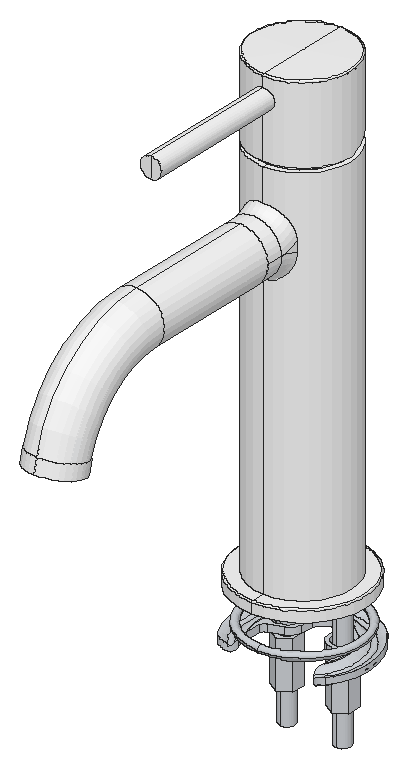
Revit family "Reece_Tap_Mizu_Drift_Basin Mixer_Curved", category Plumbing Fixtures, host Face, Revit 2018
Family settings
  Host = Face
  Round Connector Dimension = Use Diameter
  Part Type = Normal
  Cut with Voids When Loaded = No
  Shared = Yes
  Room Calculation Point = Yes
Parameters (values of type "120 mm_Chrome")
  WFU = 0  # constant formula
  URL = "https://www.reece.com.au/product/-2267198"
  Type Comments = "Tap"
  Reece_Tap_Reach = 120 mm  # constant formula
  Reece_Tap_Inlet = 12 mm  # constant formula
  Reece_Tap_Clearance = 92 mm  # constant formula
  Reece_Product_Web Page = "https://www.reece.com.au/product/-2267198"
  Reece_Product_Type = "Tap"  # constant formula
  Reece_Product_Sub Brand = "Drift"  # constant formula
  Reece_Product_Number = "2267198"
  Reece_Product_Mount = "Hob Mounted"  # constant formula
  Reece_Product_Description = "Mizu Drift Basin Mixer Curved Spout Chrome (6 Star)"
  Reece_Product_Brand = "Mizu"  # constant formula
  Reece_Overall_Length = 155 mm  # constant formula
  Reece_Overall_Height = 185 mm  # constant formula
  Reece_Nozzle_Pipe Radius = 10.5 mm  # constant formula
  Reece_Material_Main = Reece_Brass_Chrome
  Reece_Detail_Installation = ""
  Reece_Detail_Disclaimer = "THIS FILE IS THE PROPERTY OF THE REECE GROUP. IT MAY NOT BE REPRODUCED, REVERSE-ENGINEERED, OR MODIFIED. ANY REPUBLICATION, TRANSMISSION, OR DISTRIBUTION FOR THE PURPOSE OF COMMERCIALLY EXPLOITING THE FILES IS PROHIBITED."  # constant formula
  Reece_Detail_Connector = ""
  Reece_Detail_Additional = ""
  Model = "Drift"
  Manufacturer = "Mizu"
  Keynote = "Product #2267198, Reece_Tap_Mizu_Drift_Basin Mixer_Curved - 120 mm_Chrome"
  HWFU = 0  # constant formula
  Disclaimer = "THIS FILE IS THE PROPERTY OF THE REECE GROUP. IT MAY NOT BE REPRODUCED, REVERSE-ENGINEERED, OR MODIFIED. ANY REPUBLICATION, TRANSMISSION, OR DISTRIBUTION FOR THE PURPOSE OF COMMERCIALLY EXPLOITING THE FILES IS PROHIBITED."  # constant formula
  Description = "Mizu Drift Basin Mixer Curved Spout Chrome (6 Star)"
  Default Elevation = 1000 mm
  CWFU = 0  # constant formula
Types (5, lengths in mm): name | URL | Reece_Product_Web Page | Reece_Product_Number | Reece_Product_Description | Reece_Material_Main | Keynote | Description
  120 mm_Brushed Nickel | "https://www.reece.com.au/product/-2267240" | "https://www.reece.com.au/product/-2267240" | "2267240" | "Mizu Drift Basin Mixer Curved Spout Brushed Nickel (6 Star)" | Reece_Brass_Brushed Nickel | "Product #2267240, Reece_Tap_Mizu_Drift_Basin Mixer_Curved - 120 mm_Brushed Nickel" | "Mizu Drift Basin Mixer Curved Spout Brushed Nickel (6 Star)"
  120 mm_Chrome | "https://www.reece.com.au/product/-2267198" | "https://www.reece.com.au/product/-2267198" | "2267198" | "Mizu Drift Basin Mixer Curved Spout Chrome (6 Star)" | Reece_Brass_Chrome | "Product #2267198, Reece_Tap_Mizu_Drift_Basin Mixer_Curved - 120 mm_Chrome" | "Mizu Drift Basin Mixer Curved Spout Chrome (6 Star)"
  120 mm_Matte Black | "https://www.reece.com.au/product/-2267220" | "https://www.reece.com.au/product/-2267220" | "2267220" | "Mizu Drift Basin Mixer Curved Spout Matte Black (6 Star)" | Reece_Brass_Matte Black | "Product #2267220, Reece_Tap_Mizu_Drift_Basin Mixer_Curved - 120 mm_Matte Black" | "Mizu Drift Basin Mixer Curved Spout Matte Black (6 Star)"
  120 mm_Brushed Gunmetal | "https://www.reece.com.au/product/-2267260" | "https://www.reece.com.au/product/-2267260" | "2267260" | "Mizu Drift Basin Mixer Curved Spout Brushed Gunmetal (6 Star)" | Reece_Brass_Brushed Gunmetal | "Product #2267260, Reece_Tap_Mizu_Drift_Basin Mixer_Curved - 120 mm_Brushed Gunmetal" | "Mizu Drift Basin Mixer Curved Spout Brushed Gunmetal (6 Star)"
  120 mm_Brushed Brass | "https://www.reece.com.au/product/-2267280" | "https://www.reece.com.au/product/-2267280" | "2267280" | "Mizu Drift Basin Mixer Curved Spout Brushed Brass (6 Star)" | Reece_Brass_Brushed | "Product #2267280, Reece_Tap_Mizu_Drift_Basin Mixer_Curved - 120 mm_Brushed Brass" | "Mizu Drift Basin Mixer Curved Spout Brushed Brass (6 Star)"
Reference planes
  plane 1 "Center (Front/Back)": y = 0
  plane 2: z = 0
  plane 3 "Center (Left/Right)": x = 0
  plane 4: y = -19
  plane 5: y = -120
  plane 6 "Top": z = 185
  plane 7: y = -73.243
  plane 8: y = -18.443
  plane 9: z = 92
  plane 10: through (0, -120, 92) normal (0, 0.9659, -0.2588)
  plane 11: z = 127
  plane 12: y = 24.5
  plane 13: y = -130.5
Forms (mm)
  Revolve 1, solid, material "Reece_Brass_Chrome" <- "Reece_Material_Main"
    sketch origin (0, 0, 0) x (0, 1, 0) y (0, 0, 1)
      loop
        line (-19, 152.8) -> (-19, 4.5) -> (-17.5, 4.5) -> (-17.5, 7) -> (0, 7) -> (0, 157.8) -> (-13.55, 157.8) -> (-13.55, 161.484)
        arc (-13.55, 161.484) -> (-15.733, 157.339) -> (-16.892, 152.8) r 20
        line (-16.892, 152.8) -> (-19, 152.8)
      axis (0, 161.484) -> (0, 4.5)
    angle from 0 to 360
  Revolve 2, solid, material "Reece_Brass_Chrome" <- "Reece_Material_Main"
    sketch origin (0, 0, 0) x (0, 1, 0) y (0, 0, 1)
      loop
        line (-17.5, 4.5) -> (-24, 4.5)
        arc (-24, 4.5) -> (-24.354, 4.354) -> (-24.5, 4) r 0.5
        line (-24.5, 4) -> (-24.5, 0) -> (-22, 0) -> (-22, -1) -> (-18, -1) -> (-18, 2) -> (-16.5, 2) -> (-16.5, 5.5) -> (-17.5, 5.5) -> (-17.5, 4.5)
      axis (0, 5.5) -> (0, -1)
    angle from 0 to 360
  Revolve 3, solid, material "Reece_Brass_Chrome" <- "Reece_Material_Main"
    sketch origin (0, 0, 1) x (0, 1, 0) y (0, 0, 1)
      loop
        line (-19, 153.55) -> (-17.852, 153.55) -> (-17.5, 158.59) -> (-17.5, 162.3) -> (0, 162.3) -> (0, 184)
        arc (0, 184) -> (-9.246, 183.907) -> (-18.489, 183.63) r 465.11
        arc (-18.489, 183.63) -> (-18.852, 183.467) -> (-19, 183.099) r 0.532
        line (-19, 183.099) -> (-19, 153.55)
      axis (0, 184) -> (0, 153.55)
    angle from 0 to 360
  Extrusion 4, void
    sketch origin (0, 21.394, 163.687) x (0, 0.91357, 0.406681) y (1, 0, 0)
      loop
        line (14.799, 24.5) -> (-35.201, 24.5) -> (-35.201, -24.5) -> (14.799, -24.5) -> (14.799, 24.5)
    from 0 to 19
  Revolve 5, void
    sketch origin (0, 0, -1.813) x (0, 1, 0) y (0, 0, 1)
      loop
        line (17.434, 173.743) -> (17.434, 169.75) -> (20.568, 169.75) -> (20.568, 173.743) -> (17.434, 173.743)
      axis (20.568, 169.75) -> (17.434, 169.75)
    angle from 0 to 360
  Revolve 6, solid, material "Reece_Brass_Chrome" <- "Reece_Material_Main"
    sketch origin (0, 0, -1.813) x (0, 1, 0) y (0, 0, 1)
      loop
        arc (19.852, 169.75) -> (19.653, 171.536) -> (19.065, 173.234) r 8.104
        arc (19.065, 173.234) -> (18.801, 173.532) -> (18.419, 173.642) r 0.716
        line (18.419, 173.642) -> (17.555, 173.642) -> (17.555, 169.75) -> (19.852, 169.75)
      axis (17.555, 169.75) -> (19.852, 169.75)
    angle from 0 to 360
  Revolve 7, solid
    sketch origin (0, 0, 0) x (0, 1, 0) y (0, 0, 1)
      loop
        circle (22.2, -14) r 1.3
      axis (1, -14) -> (1, -13)
    angle from 0 to 360
  Extrusion 8, void
    sketch origin (0, 2, 7) x (1, 0, 0) y (0, 1, 0)
      loop
        circle (-7, -9.5) r 6.7
      loop
        circle (-10.749, 4.019) r 3.519
      loop
        circle (10.75, 4) r 3.5
      loop
        circle (7, -9.5) r 6.7
    from 0 to 4
  Extrusion 9, solid
    sketch origin (0, 2, 7) x (0, 1, 0) y (1, 0, 0)
      loop
        circle (4, 10.75) r 3
      loop
        circle (4, -10.75) r 3
    from 0 to 61.5
  Revolve 10, solid
    sketch origin (0, 0, 0) x (0, 1, 0) y (0, 0, 1)
      loop
        arc (18.75, -21.5) -> (21.75, -23) -> (24.75, -21.5) r 3.75
        line (24.75, -21.5) -> (25.75, -21.5) -> (25.75, -19)
        arc (25.75, -19) -> (24.212, -19.499) -> (22.941, -20.498) r 4.61
        arc (22.941, -20.498) -> (21.841, -21) -> (20.728, -20.527) r 1.5
        arc (20.728, -20.527) -> (19.122, -19.398) -> (17.2, -19) r 4.84
        line (17.2, -19) -> (17.2, -21.5) -> (18.75, -21.5)
      axis (0, -19) -> (0, -21.5)
    angle from 0 to 360
  Extrusion 11, solid
    sketch origin (0, 0, -23) x (1, 0, 0) y (0, 1, 0)
      loop
        arc (-9.053, 2.711) -> (-6.961, 7.197) -> (-11.447, 9.289) r 3.5
        line (-11.447, 9.289) -> (-13.326, 8.605)
        arc (-13.326, 8.605) -> (-15.418, 4.119) -> (-10.932, 2.027) r 3.5
        line (-10.932, 2.027) -> (-9.053, 2.711)
      loop
        arc (-5.01, 5.791) -> (-6.06, 3.288) -> (-8.263, 1.702) r 5
        line (-8.263, 1.702) -> (-13.684, -0.271)
        arc (-13.684, -0.271) -> (-14.638, -1.003) -> (-15, -2.15) r 2
        line (-15, -2.15) -> (-15, -8.417)
        arc (-15, -8.417) -> (0, 17.2) -> (15, -8.417) r 17.2
        line (15, -8.417) -> (15, -2.15)
        arc (15, -2.15) -> (14.638, -1.003) -> (13.684, -0.271) r 2
        line (13.684, -0.271) -> (8.263, 1.702)
        arc (8.263, 1.702) -> (6.06, 3.288) -> (5.01, 5.791) r 5
        line (5.01, 5.791) -> (4.466, 10.221)
        arc (4.466, 10.221) -> (0, 14.173) -> (-4.466, 10.221) r 4.5
        line (-4.466, 10.221) -> (-5.01, 5.791)
      loop
        arc (11.447, 9.289) -> (6.961, 7.197) -> (9.053, 2.711) r 3.5
        line (9.053, 2.711) -> (10.932, 2.027)
        arc (10.932, 2.027) -> (15.418, 4.119) -> (13.326, 8.605) r 3.5
        line (13.326, 8.605) -> (11.447, 9.289)
    from 1.5 to 4
  Extrusion 12, void
    sketch origin (0, 0, -23) x (1, 0, 0) y (0, 1, 0)
      loop
        line (27.556, -34.599) -> (27.556, -14.961) -> (20.958, -14.961)
        arc (20.958, -14.961) -> (17.049, -15.272) -> (15, -11.93) r 3.75
        line (15, -11.93) -> (15, -8.417) -> (-15, -8.417) -> (-15, -11.93)
        arc (-15, -11.93) -> (-17.049, -15.272) -> (-20.958, -14.961) r 3.75
        line (-20.958, -14.961) -> (-27.556, -14.961) -> (-27.556, -34.599) -> (27.556, -34.599)
    from 0 to 5
  Extrusion 13, solid
    sketch origin (0, 0, 0) x (1, 0, 0) y (0, 1, 0)
      loop
        circle (10.75, 6) r 3
      loop
        line (10.75, 11.196) -> (6.25, 8.598) -> (6.25, 3.402) -> (10.75, 0.804) -> (15.25, 3.402) -> (15.25, 8.598) -> (10.75, 11.196)
      loop
        circle (-10.75, 6) r 3
      loop
        line (-10.75, 11.196) -> (-15.25, 8.598) -> (-15.25, 3.402) -> (-10.75, 0.804) -> (-6.25, 3.402) -> (-6.25, 8.598) -> (-10.75, 11.196)
    from -41.5 to -23
  Extrusion 14, void
    sketch origin (0, 0, 0) x (1, 0, 0) y (0, 1, 0)
      loop
        circle (0, 0) r 22
    from 0 to -35
  Revolve 15, solid, material "Reece_Brass_Chrome" <- "Reece_Material_Main"
    sketch origin (0, -229.818, 400.763) x (0, -1, 0) y (0, 0, -1)
      loop
        line (-211.374, 228.583) -> (-211.374, 224.583) -> (-156.574, 224.583) -> (-156.574, 228.583) -> (-211.374, 228.583)
      axis (-211.374, 224.583) -> (-156.574, 224.583)
    angle from 0 to 360
  Sweep 16, solid, material "Reece_Brass_Chrome" <- "Reece_Material_Main"
    path origin (0, 0, 0) x (0, 1, 0) y (0, 0, 1)
      loop
        line (-29.929, 127) -> (-79.929, 127)
        arc (-79.929, 127) -> (-104.279, 118.734) -> (-118.566, 97.353) r 40
        line (-118.566, 97.353) -> (-120, 92)
    profile origin (0, -54.929, 127) x (0, 0, -1) y (1, 0, 0)
      loop
        circle (0, 0) r 10.5
  Sweep 17, solid, material "Reece_Brass_Chrome" <- "Reece_Material_Main"
    path origin (0, 0, 0) x (0, 1, 0) y (0, 0, 1)
      loop
        line (-29.929, 137.5) -> (-23.438, 137.5)
        arc (-23.438, 137.5) -> (-19.902, 138.964) -> (-18.438, 142.5) r 5
        line (-18.438, 142.5) -> (-18.438, 147.5)
    profile origin (0, -26.683, 137.5) x (0, 0, 1) y (1, 0, 0)
      loop
        arc (-10.5, -10.5) -> (0, 0) -> (-10.5, 10.5) r 10.5
        line (-10.5, 10.5) -> (-10.5, -10.5)
  Revolve 18, void
    sketch origin (0, 0, 0) x (0, 1, 0) y (0, 0, 1)
      loop
        line (-120.258, 91.037) -> (-109.445, 88.139) -> (-109.187, 89.103) -> (-110.567, 89.472) -> (-110.041, 91.436) -> (-111.007, 91.695) -> (-111.27, 90.713) -> (-119.737, 92.982) -> (-120.258, 91.037)
      axis (-120.258, 91.037) -> (-119.474, 93.964)
    angle from 0 to 360
  Sweep 19, solid, material "Reece_Brass_Chrome" <- "Reece_Material_Main"
    path origin (0, 0, 254) x (0, 1, 0) y (0, 0, -1)
      loop
        line (-29.929, 137.5) -> (-23.438, 137.5)
        arc (-23.438, 137.5) -> (-19.902, 138.964) -> (-18.438, 142.5) r 5
        line (-18.438, 142.5) -> (-18.438, 147.5)
    profile origin (0, -26.683, 116.5) x (0, 0, 1) y (1, 0, 0)
      loop
        line (10.5, -10.5) -> (10.5, 10.5)
        arc (10.5, 10.5) -> (0, 0) -> (10.5, -10.5) r 10.5
  Extrusion 20, solid, material "Reece_Brass_Chrome" <- "Reece_Material_Main"
    sketch origin (0, 0, 0) x (0, 1, 0) y (0, 0, 1)
      loop
        arc (-23.438, 127) -> (-12.477, 122.46) -> (-7.938, 111.5) r 15.5
        line (-7.938, 111.5) -> (-7.938, 142.5)
        arc (-7.938, 142.5) -> (-12.477, 131.54) -> (-23.438, 127) r 15.5
    from -10.5 to 10.5
Cuts and joins
  Extrusion 4, Revolve 5 cuts Revolve 3
  joined: Revolve 3, Revolve 15
  Extrusion 8 cuts Extrusion 9
  Extrusion 12 cuts Revolve 10
  Extrusion 8 cuts Revolve 2
  Extrusion 8 cuts Revolve 1
  Revolve 18 cuts Sweep 16
  joined: Revolve 1, Sweep 16, Sweep 17, Sweep 19, Extrusion 20
Lines and regions (mm)
  reference lines
    curve 1: line (0, 42.299, 172.993) -> (0, 0.166, 154.237)
Text (mm)
  text "Reece Copyright © 2018, Reece Ltd." at (-747.266, -372.688, 0), in view "Ref. Level"
  text "Reece ©" at (-1.128, 151.197, 130.104), in view "Reece Preview"
Dimensions and locks
  locked: Revolve 1 sketch curve to Revolve 1 sketch curve at 2.5
  Revolve 1 sketch curve to Revolve 1 sketch curve = 19 mm
  Revolve 2 sketch curve to Revolve 2 sketch curve = 24.5 mm
  locked: Revolve 2 sketch curve to Revolve 2 sketch curve at 2.5
  locked: Revolve 2 sketch curve to Revolve 2 sketch curve at 3.5
  locked: Revolve 2 sketch curve to Revolve 2 sketch curve at 1
  Revolve 2 sketch curve to Revolve 2 sketch curve = 17.5 mm
  locked: Revolve 2 sketch curve to Revolve 2 sketch curve at 1.5
  Revolve 3 sketch curve to Revolve 3 sketch curve = 19 mm
  locked: Revolve 3 sketch curve to Revolve 3 sketch curve at 1.5
  Extrusion 4 sketch curve to curve 1 to Extrusion 4 sketch curve = 24.5 mm, 24.5 mm
  locked: plane 7 to plane 8 at 54.8
  "Reece_Tap_Reach": plane 5 to plane 1 "Center (Front/Back)"
  "Reece_Overall_Height": plane 6 "Top" to level
  "Reece_Tap_Clearance": plane 9 to level
  "Reece_Overall_Length": plane 12 to plane 13
  "Reece_Nozzle_Pipe Radius": radius of Sweep 16 sketch curve
  angle plane 10 to plane 5 = 15.00°
  angle plane 5 to plane 10 = 15.00°
  aligned and locked: plane 2 to host face
  aligned and locked: level to host face
  aligned and locked: Revolve 3 sketch curve to Revolve 3 sketch curve
  aligned and locked: Revolve 15 sketch curve to Revolve 15 sketch curve
  aligned and locked: plane 7 to Revolve 15 sketch curve
  aligned and locked: plane 8 to Revolve 15 sketch curve
  aligned and locked: Revolve 18 sketch curve to plane 10
Automatic sketch dimensions
  host sketch curve to host sketch curve = 380.785 mm
  host sketch curve to host sketch curve = 317.421 mm
  curve 1 to plane 1 "Center (Front/Back)" = 0.166 mm
  curve 1 to plane 11 = 27.238 mm
  curve 1 to plane 12 = 17.799 mm
  curve 1 to plane 6 "Top" = 12.007 mm
  Revolve 1 sketch curve to plane 4 = 0 mm
  Revolve 1 sketch curve to plane 1 "Center (Front/Back)" = 0 mm
  Revolve 1 sketch curve to Revolve 1 sketch curve = 1.5 mm
  Revolve 1 sketch curve to Revolve 1 sketch curve = 2.108 mm
  Revolve 1 sketch curve to plane 4 = 5.45 mm
  Revolve 1 sketch curve to plane 1 "Center (Front/Back)" = 2.932 mm
  level to Revolve 1 sketch curve = 4.5 mm
  Revolve 1 sketch curve to plane 11 = 23.156 mm
  Revolve 1 sketch curve to Revolve 1 sketch curve = 2.644 mm
  Revolve 1 sketch curve to Revolve 1 sketch curve = 7.644 mm
  Revolve 1 sketch curve to level = 340.81 mm
  plane 6 "Top" to Revolve 1 sketch curve = 2226.37 mm
  Revolve 2 sketch curve to level = 0 mm
  Revolve 2 sketch curve to plane 1 "Center (Front/Back)" = 0 mm
  Revolve 2 sketch curve to Revolve 2 sketch curve = 0.5 mm
  Revolve 2 sketch curve to level = 1 mm
  level to Revolve 2 sketch curve = 2 mm
  Revolve 2 sketch curve to Revolve 2 sketch curve = 4 mm
  Revolve 2 sketch curve to Revolve 2 sketch curve = 339.81 mm
  plane 6 "Top" to Revolve 2 sketch curve = 2226.37 mm
  Revolve 3 sketch curve to plane 4 = 0 mm
  Revolve 3 sketch curve to plane 6 "Top" = 0 mm
  Revolve 3 sketch curve to plane 4 = 0.532 mm
  Revolve 3 sketch curve to Revolve 3 sketch curve = 1.148 mm
  Revolve 3 sketch curve to plane 1 "Center (Front/Back)" = 0.055 mm
  Revolve 3 sketch curve to plane 6 "Top" = 0.901 mm
  Revolve 3 sketch curve to Revolve 3 sketch curve = 20.799 mm
  Revolve 3 sketch curve to Revolve 3 sketch curve = 3.71 mm
  Revolve 3 sketch curve to Revolve 3 sketch curve = 5.04 mm
  Revolve 3 sketch curve to level = 280.11 mm
  Revolve 3 sketch curve to Revolve 3 sketch curve = 59.7 mm
  Revolve 3 sketch curve to Revolve 3 sketch curve = 2176.364 mm
  Extrusion 4 sketch curve to curve 1 = 11.965 mm
  Extrusion 4 sketch curve to curve 1 = 8.083 mm
  plane 12 to Revolve 5 sketch curve = 7.066 mm
  Revolve 5 sketch curve to Revolve 5 sketch curve = 3.134 mm
  Revolve 5 sketch curve to plane 6 "Top" = 17.062 mm
  Revolve 5 sketch curve to Revolve 5 sketch curve = 3.993 mm
  Revolve 5 sketch curve to Revolve 5 sketch curve = 2.864 mm
  Revolve 5 sketch curve to plane 12 = 0.07 mm
  Revolve 5 sketch curve to Revolve 5 sketch curve = 0 mm
  Revolve 6 sketch curve to plane 1 "Center (Front/Back)" = 11.748 mm
  Revolve 6 sketch curve to Revolve 6 sketch curve = 5.807 mm
  Revolve 6 sketch curve to Revolve 6 sketch curve = 0.864 mm
  Revolve 6 sketch curve to Revolve 6 sketch curve = 2.297 mm
  Revolve 6 sketch curve to plane 6 "Top" = 17.062 mm
  Revolve 6 sketch curve to Revolve 6 sketch curve = 3.177 mm
  Revolve 6 sketch curve to Revolve 6 sketch curve = 0.716 mm
  Revolve 6 sketch curve to Revolve 6 sketch curve = 1.775 mm
  Revolve 6 sketch curve to plane 12 = 1.006 mm
  Revolve 6 sketch curve to Revolve 6 sketch curve = 0 mm
  plane 12 to Revolve 7 sketch curve = 2.3 mm
  Revolve 7 sketch curve to level = 14 mm  (x2)
  Revolve 7 sketch curve to plane 1 "Center (Front/Back)" = 1 mm
  Revolve 7 sketch curve to Revolve 7 sketch curve = 4.102 mm
  Revolve 1 to Extrusion 8 sketch curve = 10.749 mm
  Revolve 1 to Extrusion 8 sketch curve = 7 mm
  Extrusion 8 sketch curve to Revolve 1 = 7 mm
  Extrusion 8 sketch curve to Revolve 1 = 10.75 mm
  Extrusion 8 sketch curve to Extrusion 8 sketch curve = 0 mm
  Extrusion 8 sketch curve to Extrusion 8 sketch curve = 13.5 mm
  Extrusion 8 sketch curve to Extrusion 8 sketch curve = 13.519 mm
  Revolve 1 to Extrusion 9 sketch curve = 10.75 mm
  Extrusion 9 sketch curve to Extrusion 9 sketch curve = 0 mm
  Extrusion 9 sketch curve to Revolve 1 = 10.75 mm
  Revolve 10 sketch curve to plane 1 "Center (Front/Back)" = 0 mm
  plane 12 to Revolve 10 sketch curve = 7.3 mm
  Revolve 10 sketch curve to Revolve 10 sketch curve = 1.55 mm
  plane 12 to Revolve 10 sketch curve = 2.75 mm
  Revolve 10 sketch curve to Revolve 10 sketch curve = 0.072 mm
  Revolve 10 sketch curve to plane 12 = 0.25 mm
  Revolve 10 sketch curve to plane 12 = 1.25 mm
  Revolve 10 sketch curve to plane 12 = 1.882 mm
  Revolve 10 sketch curve to level = 23.84 mm
  Revolve 10 sketch curve to Revolve 10 sketch curve = 0.274 mm
  Revolve 10 sketch curve to Revolve 10 sketch curve = 2.34 mm
  Revolve 10 sketch curve to Revolve 10 sketch curve = 2 mm
  Revolve 10 sketch curve to Revolve 10 sketch curve = 0.25 mm
  Revolve 10 sketch curve to Revolve 10 sketch curve = 2.5 mm  (x2)
  Revolve 10 sketch curve to Revolve 10 sketch curve = 0 mm
  Revolve 10 sketch curve to Revolve 10 sketch curve = 316.97 mm
  plane 6 "Top" to Revolve 10 sketch curve = 658.832 mm
  plane 1 "Center (Front/Back)" to Extrusion 11 sketch curve = 0 mm
  Extrusion 11 sketch curve to plane 3 "Center (Left/Right)" = 0 mm  (x2)
  Extrusion 11 sketch curve to plane 3 "Center (Left/Right)" = 4.466 mm
  Extrusion 11 sketch curve to Extrusion 11 sketch curve = 0.544 mm  (x2)
  Extrusion 11 sketch curve to plane 1 "Center (Front/Back)" = 1.702 mm  (x2)
  Extrusion 11 sketch curve to Extrusion 11 sketch curve = 3.253 mm  (x2)
  Extrusion 11 sketch curve to plane 1 "Center (Front/Back)" = 2.711 mm
  Extrusion 11 sketch curve to Extrusion 11 sketch curve = 0.79 mm  (x2)
  Extrusion 11 sketch curve to Extrusion 11 sketch curve = 0.92 mm  (x2)
  Extrusion 11 sketch curve to Extrusion 11 sketch curve = 0.277 mm  (x2)
  Extrusion 11 sketch curve to plane 1 "Center (Front/Back)" = 2.027 mm  (x2)
  Extrusion 11 sketch curve to Extrusion 11 sketch curve = 1.879 mm  (x6)
  Extrusion 11 sketch curve to Extrusion 11 sketch curve = 1.474 mm  (x2)
  Extrusion 11 sketch curve to Extrusion 11 sketch curve = 2.068 mm  (x2)
  Extrusion 11 sketch curve to plane 1 "Center (Front/Back)" = 8.605 mm
  plane 1 "Center (Front/Back)" to Extrusion 11 sketch curve = 0.271 mm  (x2)
  Extrusion 11 sketch curve to Extrusion 11 sketch curve = 0.684 mm  (x2)
  Extrusion 11 sketch curve to Extrusion 11 sketch curve = 2 mm
  plane 3 "Center (Left/Right)" to Extrusion 11 sketch curve = 4.466 mm
  plane 1 "Center (Front/Back)" to Extrusion 11 sketch curve = 2.15 mm
  Extrusion 11 sketch curve to Extrusion 11 sketch curve = 6.266 mm
  Extrusion 11 sketch curve to Extrusion 11 sketch curve = 1.009 mm
  Extrusion 11 sketch curve to Extrusion 11 sketch curve = 3.289 mm
  Extrusion 11 sketch curve to Extrusion 11 sketch curve = 3.08 mm  (x2)
  Extrusion 11 sketch curve to Extrusion 11 sketch curve = 0.401 mm  (x2)
  Extrusion 11 sketch curve to Extrusion 11 sketch curve = 3.882 mm
  Extrusion 11 sketch curve to Extrusion 11 sketch curve = 4.43 mm
  Extrusion 12 sketch curve to plane 3 "Center (Left/Right)" = 27.556 mm
  Extrusion 12 sketch curve to Extrusion 12 sketch curve = 6.599 mm  (x2)
  Extrusion 12 sketch curve to Extrusion 12 sketch curve = 2.208 mm  (x2)
  Extrusion 12 sketch curve to Extrusion 12 sketch curve = 3.75 mm  (x2)
  plane 3 "Center (Left/Right)" to Extrusion 12 sketch curve = 15 mm
  plane 4 to Extrusion 12 sketch curve = 15.599 mm
  Extrusion 12 sketch curve to plane 4 = 4.039 mm  (x2)
  Extrusion 12 sketch curve to Extrusion 12 sketch curve = 3.514 mm
  Extrusion 13 sketch curve to plane 3 "Center (Left/Right)" = 15.25 mm
  Extrusion 13 sketch curve to plane 1 "Center (Front/Back)" = 0.804 mm  (x2)
  Extrusion 13 sketch curve to Extrusion 13 sketch curve = 4.5 mm  (x6)
  Extrusion 13 sketch curve to Extrusion 13 sketch curve = 0 mm  (x2)
  plane 3 "Center (Left/Right)" to Extrusion 13 sketch curve = 6.25 mm
  Extrusion 13 sketch curve to plane 1 "Center (Front/Back)" = 3.402 mm  (x4)
  Extrusion 13 sketch curve to Extrusion 13 sketch curve = 5.196 mm  (x7)
  Extrusion 13 sketch curve to Extrusion 13 sketch curve = 2.598 mm
  Extrusion 14 sketch curve to Extrusion 14 sketch curve = 0 mm  (x2)
  Extrusion 14 sketch curve to plane 3 "Center (Left/Right)" = 0 mm
  plane 1 "Center (Front/Back)" to Extrusion 14 sketch curve = 0 mm
  plane 4 to Extrusion 14 sketch curve = 3 mm
  Revolve 15 sketch curve to plane 6 "Top" = 8.82 mm
  Revolve 15 sketch curve to Revolve 15 sketch curve = 4 mm
  plane 1 "Center (Front/Back)" to Revolve 15 sketch curve = 6.141 mm
  Revolve 15 sketch curve to plane 7 = 16.478 mm
  Sweep 16 sketch curve to plane 5 = 0 mm
  plane 10 to Sweep 16 sketch curve = 0 mm
  plane 11 to Sweep 16 sketch curve = 0 mm
  plane 9 to Sweep 16 sketch curve = 0 mm
  plane 5 to Sweep 16 sketch curve = 1.434 mm
  plane 9 to Sweep 16 sketch curve = 5 mm
  plane 4 to Sweep 16 sketch curve = 10.929 mm
  plane 4 to Sweep 17 sketch curve = 4.438 mm
  Sweep 17 sketch curve to plane 4 = 0.562 mm
  Sweep 17 sketch curve to plane 11 = 10.5 mm
  Sweep 17 sketch curve to Sweep 17 sketch curve = 6.491 mm
  Sweep 17 sketch curve to Sweep 17 sketch curve = 5 mm
  Sweep 17 sketch curve to plane 3 "Center (Left/Right)" = 0 mm
  profile plane to Sweep 17 sketch curve = 10.5 mm
  Sweep 17 sketch curve to plane 3 "Center (Left/Right)" = 10.5 mm
  Sweep 19 sketch curve to plane 4 = 4.438 mm
  plane 4 to Sweep 19 sketch curve = 0.562 mm
  Sweep 19 sketch curve to plane 11 = 10.5 mm
  Sweep 19 sketch curve to Sweep 19 sketch curve = 6.491 mm
  Sweep 19 sketch curve to Sweep 19 sketch curve = 5 mm
  Sweep 19 sketch curve to plane 3 "Center (Left/Right)" = 0 mm
  Sweep 19 sketch curve to profile plane = 10.5 mm
  Sweep 19 sketch curve to plane 3 "Center (Left/Right)" = 10.5 mm
  plane 11 to Extrusion 20 sketch curve = 0 mm  (x2)
  plane 4 to Extrusion 20 sketch curve = 4.438 mm  (x2)
  Extrusion 20 sketch curve to Extrusion 20 sketch curve = 15.5 mm
  Extrusion 20 sketch curve to plane 11 = 15.5 mm
  Extrusion 20 sketch curve to Extrusion 20 sketch curve = 0 mm
  plane 10 to Revolve 18 sketch curve = 0 mm  (x2)
  Revolve 18 sketch curve to plane 5 = 0.258 mm
  plane 9 to Revolve 18 sketch curve = 2.528 mm
  plane 9 to Revolve 18 sketch curve = 3.861 mm
  Revolve 18 sketch curve to plane 13 = 4.3 mm
  plane 5 to Revolve 18 sketch curve = 0.263 mm
  Revolve 18 sketch curve to Revolve 18 sketch curve = 0.703 mm
  plane 5 to Revolve 18 sketch curve = 14.738 mm
  plane 9 to Revolve 18 sketch curve = 1.287 mm
  plane 9 to Revolve 18 sketch curve = 0.305 mm
  Sweep 16 sketch curve to plane 3 "Center (Left/Right)" = 0 mm
  Sweep 16 sketch curve to profile plane = 0 mm
  radius of Revolve 7 sketch curve = 1.3 mm
  radius of Extrusion 8 sketch curve = 6.7 mm  (x2)
  radius of Extrusion 8 sketch curve = 3.519 mm
  radius of Extrusion 8 sketch curve = 3.5 mm
  radius of Extrusion 9 sketch curve = 3 mm  (x2)
  radius of Extrusion 13 sketch curve = 3 mm  (x2)
Connectors
  piping at (-7, -7.5, 11), diameter 12, driven by "Reece_Tap_Inlet"
    settings: on cut or joined group of Revolve 1, Extrusion 8, Sweep 16, Sweep 17, Revolve 18, Sweep 19, Extrusion 20, index 1, connector inside diameter 609.6 mm, connector length 0 mm, flow factor 0, pipe flow 0.0 L/s, pressure drop 0.0 Pa, fitting loss kfactor 0, connector angle 0.00°, fixture units 0, engagement length 0 mm, angle of deflection 0.00°, flow configuration 0, flow direction 2, fitting loss method 0, system type 29, joint type 0, gender type 0, connector reference index -1, connector utility 0, adjustable connector no, is connector primary yes, connector description "Hot Water"
  piping at (7, -7.5, 11), diameter 12, driven by "Reece_Tap_Inlet"
    settings: on cut or joined group of Revolve 1, Extrusion 8, Sweep 16, Sweep 17, Revolve 18, Sweep 19, Extrusion 20, index 2, connector inside diameter 609.6 mm, connector length 0 mm, flow factor 0, pipe flow 0.0 L/s, pressure drop 0.0 Pa, fitting loss kfactor 0, connector angle 0.00°, fixture units 0, engagement length 0 mm, angle of deflection 0.00°, flow configuration 0, flow direction 2, fitting loss method 0, system type 29, joint type 0, gender type 0, connector reference index -1, connector utility 0, adjustable connector no, is connector primary no, connector description "Cold Water"
